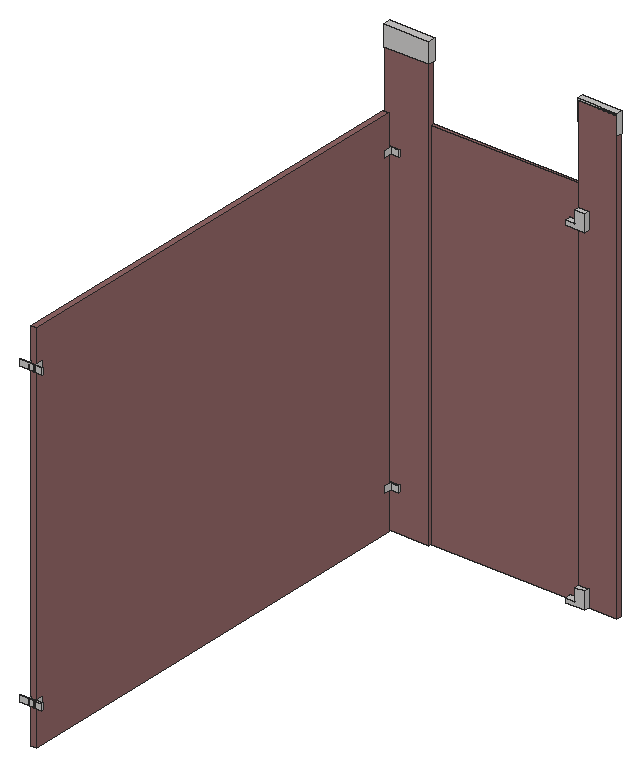
Revit family
Parameters (values of type "Standard Partition as Specified in 10 21 13")
  topoffset = 0' - 0 1/4"
  strkhdwr [instance] = not(or((End Panel_Strike Side), (Terminates at Wall_Strike Side)))  # no
  hngpnlconstrain [instance] = if((Terminates at Wall_Hinge Side), (Front Panel Width_Hinge Side - Reveal Clearance), (if((End Panel_Hinge Side), (Front Panel Width_Hinge Side + Panel Thickness + 0' 0 1/8"), (Front Panel Width_Hinge Side))))  # 0' - 6"
  hngpnl2 [instance] = if((Terminates at Wall_Strike Side), (Panel Thickness - Reveal Clearance - 0' 0 1/8"), (if((End Panel_Strike Side), (Panel Thickness + 0' 0 1/8"), (Panel Thickness))))  # 0' - 1"
  capoffset = 0' - 0"
  Warranty Duration (Years) = 0
  URL = "www.ironwood-mfg.com"
  Type Comments = "Toilet Partition"
  Terminates at Wall_Strike Side [instance] = no
  Terminates at Wall_Hinge Side [instance] = no
  Stile Thickness = 0' - 0 3/4"
  Stall Width = 3' - 0"
  Stall Depth [instance] = 6' - 0"
  Panel Thickness = 0' - 0 7/8"
  Outswing Door = yes
  Inswing Door = not(Outswing Door)  # no
  End Panel_Strike Side [instance] = not(Terminates at Wall_Strike Side)  # yes
  Strike Side Hardware Type = Mounting Bracket : Common Mount
  Front Panel Width_Strike Side = Stall Width - Door Width - Front Panel Width_Hinge Side  # 0' - 6"
  Specification = "http://www.arcat.com/sd/clients/ironwood.html?coid=45050"
  SpecWizard = "http://www.arcat.com/specwizard/10155iro/index.htm?coid=45050&mf=\r\n"
  Send Message = "http://admin.arcat.com/users.pl?action=UserEmail&company=Ironwood%20Manufacturing%20-%20Toilet%20Compartments&coid=45050&rep=133&fax=360-862-8413&mf="
  Sales Information = "http://www.ironwood-mfg.com/contact.aspx\r\n"
  Revision = "R1_09/2009"
  Reveal Clearance = 0' - 0 1/2"
  Product Properties = "http://www.arcat.com/bim/bim_info.pl?fn=Toilet-Partition_Ironwood_Baker\r\n"
  Product Data = "http://www.arcat.com/arcatcos/cos45/arc45050.html\r\n"
  Panel Material [instance] = Ironwood Olympic Solid Phenolic - Sienna Terra - 7216
  Model = ""
  Manufacturer's Notes = ""
  Manufacturer Website = "http://www.ironwood-mfg.com/"
  Manufacturer Phone = "360-568-1823\r\n"
  Manufacturer Fax = "360-862-8413"
  Manufacturer Address = "1102 Bonneville Ave.; Snohomish; WA 98290"
  Manufacturer = "Ironwood Manufacturing"
  Maintenance Schedule (Months) = 0
  Keynote = "10 21 13"
  Installation-Fabrication = ""
  Installation Phase = ""
  End Panel_Hinge Side [instance] = no
  Hinge Side Hardware Type = Mounting Bracket : End Mount
  Front Panel Width_Hinge Side = 0' - 6"
  Hardware Finish [instance] = Stainless Steel - Type 304 #4 Brushed Finish
  Expected Lifespan (Years) = 0
  Drawn By = "Robert S. Weygant, CSI, CDT, SCIP"  # constant formula
  Door Width = 2' - 0"
  Door Thickness = 0' - 0 1/2"
  Door Height = 5' - 0"
  Distance from Floor to Panel = 1' - 0"
  Copyright = "2009, ARCAT, Inc."  # constant formula
  Description = "Ceiling Hung Toilet Partition as Specified in 10 21 13"
  Ceiling Height [instance] = 7' - 0"
  Brackets_Vertical = 2
  Assembly Code = "C1010400"
Types (2): name | hngpnlconstrain | Stile Thickness | Stall Width | Stall Depth | Front Panel Width_Strike Side | Product Properties | Front Panel Width_Hinge Side | Door Width | Door Thickness | Ceiling Height
  Standard Partition as Specified in 10 21 13 | 0' - 6" | 0' - 0 3/4" | 3' - 0" | 6' - 0" | 0' - 6" | "http://www.arcat.com/bim/bim_info.pl?fn=Toilet-Partition_Ironwood_Baker\r\n" | 0' - 6" | 2' - 0" | 0' - 0 1/2" | 7' - 0"
  ADA Partition as Specified in 10 21 13 | 0' - 4" | 0' - 0 7/8" | 6' - 0" | 5' - 0" | 3' - 2" | "http://www.arcat.com/bim/bim_info.pl?fn=Toilet-Partition_Ironwood_Ceiling-Hung\r\n" | 0' - 4" | 2' - 6" | 0' - 0 7/8" | 10' - 0"
Reference planes (in)
  plane 1: y = 26.56271
  plane 2 "Center (Left/Right)": x = 26.6528
  plane 3 "Left": x = 44.6528
  plane 4: x = 8.6528
  plane 5: y = 103.81271
  plane 6 "Back": y = 32.56271
  plane 7 "Right": x = 7.7778
  plane 8 "Front": y = 104.56271
  plane 9 "Bottom of panel": z = 12
  plane 10 "Top of panel": z = 72
  plane 11: x = 14.6528
  plane 12: x = 38.6528
  plane 13 "Top": z = 84
  plane 14 "Bottom Bracket": z = 18
  plane 15 "Top Bracket": z = 66
  plane 16 "Top Hinge": z = 68.75
  plane 17: y = 103.31271
  plane 18: y = 33.06271
  plane 19: z = 0
  plane 20: x = 7.6528
Forms (in)
  Extrusion 1, solid, material "Ironwood Olympic Solid Phenolic - Sienna Terra - 7216" <- "Panel Material"
    sketch origin (0, 0, 0) x (1, 0, 0) y (0, 1, 0)
      loop
        line (7.6528, 104.56271) -> (7.6528, 103.81271) -> (14.6528, 103.81271) -> (14.6528, 104.56271) -> (7.6528, 104.56271)
    from 12 to 84
  Extrusion 2, solid, material "Stainless Steel - Type 304 #4 Brushed Finish" <- "Hardware Finish", detail levels medium+fine
    sketch origin (0, 104.56271, 0) x (-1, 0, 0) y (0, 0, 1)
      loop
        line (-13.1528, 39.97704) -> (-13.1528, 42.02296) -> (-15.6528, 42.02296) -> (-15.6528, 39.97704) -> (-13.1528, 39.97704)
    from 0 to 0.25
  Extrusion 3, solid, material "Ironwood Olympic Solid Phenolic - Sienna Terra - 7216" <- "Panel Material"
    sketch origin (0, 0, 0) x (1, 0, 0) y (0, 1, 0)
      loop
        line (38.6528, 104.56271) -> (38.6528, 103.81271) -> (44.6528, 103.81271) -> (44.6528, 104.56271) -> (38.6528, 104.56271)
    from 12 to 84
  Extrusion 4, solid, material "Ironwood Olympic Solid Phenolic - Sienna Terra - 7216" <- "Panel Material", visible <- "End Panel_Hinge Side"
    sketch origin (0, 0, 0) x (1, 0, 0) y (0, 1, 0)
      loop
        line (44.6528, 33.06271) -> (45.5278, 33.06271) -> (45.5278, 103.31271) -> (44.6528, 103.31271) -> (44.6528, 33.06271)
    from 12 to 72
  Extrusion 5, solid, material "Ironwood Olympic Solid Phenolic - Sienna Terra - 7216" <- "Panel Material", visible <- "End Panel_Strike Side"
    sketch origin (0, 0, 0) x (1, 0, 0) y (0, 1, 0)
      loop
        line (7.7778, 33.06271) -> (8.6528, 33.06271) -> (8.6528, 103.31271) -> (7.7778, 103.31271) -> (7.7778, 33.06271)
    from 12 to 72
  Extrusion 6, solid, material "Stainless Steel - Type 304 #4 Brushed Finish" <- "Hardware Finish", detail levels fine
    sketch origin (0, 104.56271, 0) x (-1, 0, 0) y (0, 0, 1)
      loop
        line (-38.6528, 68.75) -> (-40.1528, 68.75) -> (-40.1528, 66) -> (-38.6528, 66) -> (-37.1528, 66) -> (-37.1528, 66.75) -> (-38.6528, 66.75) -> (-38.6528, 68.75)
    from -1.49944 to 0.25
  Extrusion 7, solid, material "Stainless Steel - Type 304 #4 Brushed Finish" <- "Hardware Finish", detail levels fine
    sketch origin (0, 104.56271, -52) x (-1, 0, 0) y (0, 0, 1)
      loop
        line (-38.6528, 66.75) -> (-40.1528, 66.75) -> (-40.1528, 64) -> (-37.1528, 64) -> (-37.1528, 64.75) -> (-38.6528, 64.75) -> (-38.6528, 66.75)
    from -1.49944 to 0.25
  Extrusion 8, solid, material "Ironwood Olympic Solid Phenolic - Sienna Terra - 7216" <- "Panel Material"
    sketch origin (0, 104.56271, 0) x (-1, 0, 0) y (0, 0, 1)
      loop
        line (-36.9028, 12) -> (-14.9028, 12) -> (-14.9028, 72) -> (-38.4028, 72) -> (-38.4028, 66.75) -> (-36.9028, 66.75) -> (-36.9028, 65.9223) -> (-38.4028, 65.9223) -> (-38.4028, 12.75) -> (-36.9028, 12.75) -> (-36.9028, 12)
    from -0.5 to 0
  Extrusion 9, solid, material "Stainless Steel - Type 304 #4 Brushed Finish" <- "Hardware Finish", detail levels fine
    sketch origin (0, 104.56271, 78) x (-1, 0, 0) y (0, 0, 1)
      loop
        line (-14.9028, 3) -> (-7.6528, 3) -> (-7.6528, 6.25) -> (-14.9028, 6.25) -> (-14.9028, 3)
    from -0.99768 to 0.24505
  Extrusion 10, solid, material "Stainless Steel - Type 304 #4 Brushed Finish" <- "Hardware Finish", detail levels fine
    sketch origin (0, 104.56271, 79) x (-1, 0, 0) y (0, 0, 1)
      loop
        line (-44.6528, 2) -> (-38.4028, 2) -> (-38.4028, 5.25) -> (-44.6528, 5.25) -> (-44.6528, 2)
    from -0.62556 to 0.25923
Lines and regions (in)
  symbolic lines
    curve 1: line (52.1528, 0, 72) -> (14.6528, 0, 42)
    curve 2: line (14.6528, 0, 42) -> (38.6528, 0, 12)
    curve 3: line (8.6528, 32.56271, 0) -> (7.7778, 32.56271, 0)
  symbolic lines, visible <- "Inswing Door"
    curve 4: line (38.6528, 103.81271, 0) -> (38.6528, 79.81271, 0)
    curve 5: line (38.6528, 79.81271, 0) -> (38.1528, 79.81271, 0)
    curve 6: line (38.1528, 79.81271, 0) -> (38.1528, 103.81271, 0)
    curve 7: line (38.1528, 103.81271, 0) -> (38.6528, 103.81271, 0)
  symbolic lines, style "Toilet Accessories-Dashed", visible <- "Inswing Door"
    curve 8: arc (14.6528, 103.81271, 0) -> (21.68224, 86.84214, 0) -> (38.6528, 79.81271, 0) r 24
  symbolic lines, visible <- "Outswing Door"
    curve 9: line (38.6528, 104.56271, 0) -> (38.6528, 128.56271, 0)
    curve 10: line (38.6528, 128.56271, 0) -> (38.1528, 128.56271, 0)
    curve 11: line (38.1528, 128.56271, 0) -> (38.1528, 104.56271, 0)
    curve 12: line (38.1528, 104.56271, 0) -> (38.6528, 104.56271, 0)
  symbolic lines, style "Toilet Accessories-Dashed", visible <- "Outswing Door"
    curve 13: arc (14.6528, 104.56271, 0) -> (21.68224, 121.53327, 0) -> (38.6528, 128.56271, 0) r 24
Text (in)
  text "Placement Side" at (0, 40.15149, 123.01588), in view "Right"
  text "Placement Side" at (-71.13158, 43.3951, 0), in view "Floor Line"
  text "Placement Side" at (0, 65.23256, 117.93067), in view "Left"
Dimensions and locks (in)
  "Stall Width": plane 4 to plane 3 "Left"
  "Door Height": plane 9 "Bottom of panel" to plane 10 "Top of panel"
  "Distance from Floor to Panel": host wall to plane 9 "Bottom of panel"
  equal spacing: plane 9 "Bottom of panel", curve 2, plane 10 "Top of panel"
  "Ceiling Height": level to plane 13 "Top"
  "Panel Thickness": plane 7 "Right" to plane 4
  "Panel Thickness": plane 3 "Left" to Extrusion 4 sketch curve
  locked: Extrusion 6 sketch curve to plane 12 at 1.5  (x2)
  locked: plane 9 "Bottom of panel" to Extrusion 7 sketch curve at 2.75
  locked: Extrusion 7 sketch curve to plane 12 at 1.5
  locked: plane 12 to Extrusion 7 sketch curve at 1.5
  locked: plane 12 to Extrusion 8 sketch curve at 0.25
  locked: plane 11 to Extrusion 8 sketch curve at 0.25
  locked: Extrusion 2 sketch curve to plane 11 at 1.5
  "Front Panel Width_Hinge Side": plane 12 to plane 3 "Left"
  "Door Width": plane 11 to plane 12
  locked: Extrusion 9 sketch curve to plane 11 at 0.25
  locked: Extrusion 9 sketch curve to plane 13 "Top" at 3
  Extrusion 10 sketch curve to plane 13 "Top" = 0' - 3"
  locked: Extrusion 10 sketch curve to plane 12 at 0.25
  equal spacing: plane 4, plane 2 "Center (Left/Right)", plane 3 "Left"
  locked: Extrusion 9 to plane 8 "Front" at 0.24505
  locked: Extrusion 9 to plane 5 at 0.24768
  "Door Thickness": curve 6 to plane 12
  group 1 to group 2 = 0' - 0"
  group 2 to group 1 = 0' - 0"
  group 1 to group 2 = 4' - 0"
  locked: plane 15 "Top Bracket" to plane 16 "Top Hinge" at 2.75
  locked: plane 15 "Top Bracket" to plane 10 "Top of panel" at 6
  locked: plane 9 "Bottom of panel" to plane 14 "Bottom Bracket" at 6
  "Reveal Clearance": plane 17 to plane 5
  "Reveal Clearance": plane 18 to plane 6 "Back"
  group 3 to group 4 = 0' - 0"
  group 4 to group 3 = 0' - 0"
  group 3 to group 4 = 4' - 0"
  "topoffset": plane 13 "Top" to Extrusion 10 sketch curve
  "topoffset": plane 13 "Top" to Extrusion 9 sketch curve
  Extrusion 10 to Extrusion 3 = 0' - 0.25923"
  Extrusion 3 to Extrusion 10 = 0' - 0.12444"
  locked: Extrusion 10 to Extrusion 3 at 0.25
  "Stile Thickness": plane 8 "Front" to plane 5
  "capoffset": Extrusion 3 to Extrusion 10
  "hngpnlconstrain": Extrusion 3 sketch curve to Extrusion 3 sketch curve
  "capoffset": Extrusion 9 to Extrusion 1
  group 5 to group 6 = 0' - 0"  (x2)
  group 5 to group 6 = 4' - 0"
  group 7 to group 8 = 0' - 0"
  group 8 to group 7 = 0' - 0"
  group 7 to group 8 = 4' - 0"
  group 9 to group 10 = 0' - 0"
  group 10 to group 9 = 0' - 0"
  group 9 to group 10 = 4' - 0"
  Extrusion 4 to Extrusion 10 sketch curve = 0' - 0 7/8"
  "hngpnl2": plane 20 to plane 4
  group 11 to group 12 = 0' - 0"
  group 11 to group 12 = 0' - 0 1/8"
  group 11 to group 12 = 4' - 0"
  "Stall Depth": plane 8 "Front" to plane 6 "Back"
  group 13 to group 14 = 0' - 0"  (x2)
  group 13 to group 14 = 4' - 0"
  "Door Thickness": Extrusion 8 to Extrusion 8
  aligned and locked: Extrusion 1 sketch curve to plane 8 "Front"
  aligned and locked: Extrusion 1 sketch curve to plane 5
  aligned and locked: Extrusion 1 sketch curve to plane 11
  aligned and locked: plane 13 "Top" to Extrusion 1
  aligned and locked: Extrusion 2 to plane 8 "Front"
  aligned and locked: plane 12 to Extrusion 3 sketch curve
  aligned and locked: plane 3 "Left" to Extrusion 4 sketch curve
  aligned and locked: plane 9 "Bottom of panel" to Extrusion 4
  aligned and locked: Extrusion 5 to plane 10 "Top of panel"
  aligned and locked: Extrusion 5 to plane 9 "Bottom of panel"
  aligned and locked: plane 16 "Top Hinge" to Extrusion 6 sketch curve
  aligned and locked: plane 15 "Top Bracket" to Extrusion 6 sketch curve
  aligned and locked: Extrusion 6 sketch curve to plane 12
  aligned and locked: plane 9 "Bottom of panel" to Extrusion 7 sketch curve
  aligned and locked: Extrusion 7 sketch curve to plane 12
  aligned and locked: Extrusion 7 to Extrusion 8 sketch curve
  aligned and locked: plane 10 "Top of panel" to Extrusion 8 sketch curve
  aligned and locked: curve 4 to plane 12
  aligned and locked: plane 9 "Bottom of panel" to Extrusion 3
  aligned and locked: plane 9 "Bottom of panel" to Extrusion 1
  aligned and locked: plane 8 "Front" to Extrusion 8
  aligned and locked: plane 7 "Right" to nested 1
  aligned and locked: nested 1 to plane 5  (x4)
  aligned and locked: plane 14 "Bottom Bracket" to nested 1
  aligned and locked: plane 15 "Top Bracket" to nested 2
  aligned and locked: plane 7 "Right" to nested 2
  aligned and locked: plane 5 to nested 1
  aligned and locked: plane 17 to Extrusion 5 sketch curve
  aligned and locked: Extrusion 5 sketch curve to plane 18
  aligned and locked: plane 18 to Extrusion 4 sketch curve
  aligned and locked: plane 17 to Extrusion 4 sketch curve
  aligned and locked: nested 3 to plane 5  (x2)
  aligned and locked: nested 3 to plane 3 "Left"
  aligned and locked: nested 3 to plane 14 "Bottom Bracket"
  aligned and locked: nested 4 to plane 15 "Top Bracket"
  aligned and locked: plane 5 to nested 3
  aligned and locked: plane 3 "Left" to nested 3
  aligned and locked: Extrusion 4 to plane 10 "Top of panel"
  aligned and locked: nested 5 to plane 4  (x3)
  aligned and locked: plane 6 "Back" to nested 5
  aligned and locked: nested 6 to plane 3 "Left"
  aligned and locked: nested 6 to plane 6 "Back"  (x3)
  aligned and locked: nested 6 to plane 14 "Bottom Bracket"
  aligned and locked: plane 14 "Bottom Bracket" to nested 5
  aligned and locked: plane 6 "Back" to nested 6  (x2)
  aligned and locked: nested 7 to plane 15 "Top Bracket"
  aligned and locked: nested 7 to plane 3 "Left"
  aligned and locked: nested 5 to plane 6 "Back"  (x4)
  aligned and locked: nested 8 to plane 3 "Left"
  aligned and locked: nested 8 to plane 8 "Front"  (x3)
  aligned and locked: plane 14 "Bottom Bracket" to nested 8
  aligned and locked: plane 15 "Top Bracket" to nested 9
  aligned and locked: nested 9 to plane 3 "Left"
  aligned and locked: plane 3 "Left" to nested 8
  aligned and locked: plane 7 "Right" to nested 5  (x2)
  aligned and locked: nested 7 to plane 6 "Back"
  aligned and locked: plane 6 "Back" to nested 7
  aligned and locked: plane 15 "Top Bracket" to nested 10
  aligned and locked: nested 10 to plane 4
  aligned and locked: plane 19 to level
  aligned and locked: Extrusion 1 to plane 20
  aligned and locked: plane 8 "Front" to nested 11  (x2)
  aligned and locked: nested 11 to plane 7 "Right"
  aligned and locked: nested 11 to plane 14 "Bottom Bracket"
  aligned and locked: nested 12 to plane 15 "Top Bracket"
  aligned and locked: nested 12 to plane 7 "Right"
  aligned and locked: nested 11 to plane 8 "Front"
  aligned and locked: host wall to plane 6 "Back"
  aligned and locked: plane 5 to nested 13
  aligned and locked: nested 13 to plane 5  (x2)
  aligned and locked: plane 14 "Bottom Bracket" to nested 13  (x2)
  aligned and locked: nested 13 to plane 14 "Bottom Bracket"
  aligned and locked: plane 7 "Right" to nested 13
  aligned and locked: plane 15 "Top Bracket" to nested 14  (x2)
  aligned and locked: nested 14 to plane 15 "Top Bracket"
  aligned and locked: plane 7 "Right" to nested 14
  aligned and locked: plane 5 to nested 14
  aligned and locked: plane 6 "Back" to nested 10
  aligned and locked: plane 5 to nested 2
  aligned and locked: plane 5 to nested 12
  aligned and locked: nested 9 to plane 8 "Front"
  aligned and locked: nested 4 to plane 5
  aligned and locked: plane 5 to Extrusion 3
  aligned and locked: plane 8 "Front" to Extrusion 3
  aligned and locked: nested 4 to plane 3 "Left"
  aligned and locked: plane 13 "Top" to Extrusion 3
Automatic sketch dimensions
  plane 11 to Extrusion 2 sketch curve = 0' - 1"
  plane 14 "Bottom Bracket" to Extrusion 2 sketch curve = 1' - 9.97704"
  Extrusion 2 sketch curve to Extrusion 2 sketch curve = 0' - 2.04593"
  curve 3 to host wall = 0' - 0"
  curve 3 to plane 7 "Right" = 0' - 0"
  curve 3 to plane 4 = 0' - 0"
  curve 1 to plane 10 "Top of panel" = 0' - 0"
  curve 2 to plane 9 "Bottom of panel" = 0' - 0"
  curve 1 to plane 11 = 0' - 0"
  curve 2 to plane 12 = 0' - 0"
  Extrusion 1 sketch curve to plane 20 = 0' - 0"
  Extrusion 5 sketch curve to plane 7 "Right" = 0' - 0"
  Extrusion 5 sketch curve to plane 4 = 0' - 0"
  Extrusion 6 sketch curve to plane 12 = 0' - 0"
  plane 15 "Top Bracket" to Extrusion 6 sketch curve = 0' - 0 3/4"
  Extrusion 7 sketch curve to plane 9 "Bottom of panel" = 0' - 0 3/4"
  Extrusion 8 sketch curve to plane 12 = 0' - 0 1/4"
  Extrusion 8 sketch curve to plane 9 "Bottom of panel" = 0' - 0 3/4"
  Extrusion 8 sketch curve to Extrusion 8 sketch curve = 0' - 1 1/2"  (x2)
  Extrusion 8 sketch curve to plane 15 "Top Bracket" = 0' - 0.0777"
  plane 15 "Top Bracket" to Extrusion 8 sketch curve = 0' - 0 3/4"
  curve 13 to plane 8 "Front" = 0' - 0"
  curve 13 to plane 11 = 0' - 0"
  curve 8 to plane 5 = 0' - 0"
  curve 8 to plane 11 = 0' - 0"
  curve 12 to plane 8 "Front" = 0' - 0"
  curve 9 to plane 12 = 0' - 0"
  curve 6 to plane 5 = 0' - 0"
  curve 12 to curve 6 = 0' - 0"
  Extrusion 9 sketch curve to plane 20 = 0' - 0"
  plane 17 to Extrusion 3 sketch curve = 0' - 0 1/2"
  Extrusion 3 sketch curve to Extrusion 3 sketch curve = 0' - 0 3/4"
Nested families (in)
  nested 1: "Mounting Bracket" at (7.7778, 103.81271, 18), type <- "Strike Side Hardware Type", visible <- "strkhdwr", type "Common Mount"
  nested 2: "Mounting Bracket" at (7.7778, 103.81271, 66), type <- "Strike Side Hardware Type", visible <- "strkhdwr", type "Common Mount"
  nested 3: "Mounting Bracket" at (45.5278, 103.81271, 18) x (-1, 0, 0) z (0, 0, 1), type <- "Hinge Side Hardware Type", visible <- "End Panel_Hinge Side", type "End Mount"
  nested 4: "Mounting Bracket" at (45.5278, 103.81271, 66) x (-1, 0, 0) z (0, 0, 1), type <- "Hinge Side Hardware Type", visible <- "End Panel_Hinge Side", type "End Mount"
  nested 5: "Mounting Bracket" at (8.6528, 32.56271, 18) x (-1, 0, 0) z (0, 0, 1), visible <- "End Panel_Strike Side", type "Common Mount"
  nested 6: "Mounting Bracket" at (44.6528, 32.56271, 18), visible <- "End Panel_Hinge Side", type "Common Mount"
  nested 7: "Mounting Bracket" at (44.6528, 32.56271, 66), visible <- "End Panel_Hinge Side", type "Common Mount"
  nested 8: "Mounting Bracket" at (44.6528, 104.56271, 18) x (0, -1, 0) z (0, 0, 1), visible <- "Terminates at Wall_Hinge Side", type "End Mount"
  nested 9: "Mounting Bracket" at (44.6528, 104.56271, 66) x (0, -1, 0) z (0, 0, 1), visible <- "Terminates at Wall_Hinge Side", type "End Mount"
  nested 10: "Mounting Bracket" at (8.6528, 32.56271, 66) x (-1, 0, 0) z (0, 0, 1), visible <- "End Panel_Strike Side", type "Common Mount"
  nested 11: "Mounting Bracket" at (7.7778, 104.56271, 18) x (0, -1, 0) z (0, 0, 1), visible <- "Terminates at Wall_Strike Side", type "End Mount"
  nested 12: "Mounting Bracket" at (7.7778, 104.68771, 66) x (0, -1, 0) z (0, 0, 1), visible <- "Terminates at Wall_Strike Side", type "End Mount"
  nested 13: "Mounting Bracket" at (7.7778, 103.81271, 18), visible <- "End Panel_Strike Side", type "End Mount"
  nested 14: "Mounting Bracket" at (7.7778, 103.81271, 66), visible <- "End Panel_Strike Side", type "End Mount"
Definition of nested family "Mounting Bracket"
  Parameters (values of type "Common Mount")
    panel thickness = 0' - 0 1/2"
    hdwr matl = Chrome Plated Brass
    Surfmnt = yes
    Hdwr Height = 0' - 1"
    Assembly Code = ""
  Types (2): name | panel thickness | Surfmnt
    Common Mount | 0' - 0 1/2" | yes
    End Mount | 0' - 1" | no
  Reference planes (in)
    plane 1 "Center (Front/Back)": y = 0
    plane 2 "bottom": z = 0
    plane 3 "Center (Left/Right)": x = 0
    plane 4: y = -1.37133
    plane 5 "top": z = 1
    plane 6: y = -0.12324
  Forms (in)
    Extrusion 1, solid, material "Chrome Plated Brass" <- "hdwr matl"
      sketch origin (0, 0, 0) x (1, 0, 0) y (0, 1, 0)
        loop
          line (0, -1.37133) -> (0, -0.125) -> (0.5, -0.125) -> (0.5, -1.37133) -> (0.625, -1.37133) -> (0.625, -0.12324) -> (2.25, -0.12324) -> (2.25, 0) -> (-0.125, 0) -> (-0.125, -1.37133) -> (0, -1.37133)
      from 0 to 1
    Extrusion 2, solid, material "Chrome Plated Brass" <- "hdwr matl", visible <- "Surfmnt"
      sketch origin (0, 0, 0) x (1, 0, 0) y (0, 1, 0)
        loop
          line (0, 0) -> (-1.25, 0) -> (-1.25, -0.125) -> (0, -0.125) -> (0, 0)
      from 0 to 1
  Dimensions and locks (in)
    "panel thickness": Extrusion 1 sketch curve to Extrusion 1 sketch curve
    locked: Extrusion 1 sketch curve to Extrusion 1 sketch curve at 0.125  (x2)
    locked: plane 4 to plane 1 "Center (Front/Back)" at 1.37133
    locked: Extrusion 1 sketch curve to Extrusion 1 sketch curve at 2.375
    locked: Extrusion 2 sketch curve to Extrusion 2 sketch curve at 0.125
    locked: Extrusion 2 sketch curve to Extrusion 2 sketch curve at 1.25
    "Hdwr Height": plane 5 "top" to plane 2 "bottom"
    locked: plane 6 to plane 1 "Center (Front/Back)" at 0.12324
    "panel thickness": Extrusion 1 to Extrusion 1
    aligned and locked: plane 3 "Center (Left/Right)" to Extrusion 1 sketch curve
    aligned and locked: Extrusion 1 sketch curve to plane 1 "Center (Front/Back)"
    aligned and locked: Extrusion 1 sketch curve to plane 4  (x2)
    aligned and locked: Extrusion 2 sketch curve to plane 1 "Center (Front/Back)"
    aligned and locked: plane 3 "Center (Left/Right)" to Extrusion 2 sketch curve
    aligned and locked: plane 5 "top" to Extrusion 1
    aligned and locked: plane 5 "top" to Extrusion 2
    aligned and locked: Extrusion 1 to plane 2 "bottom"
    aligned and locked: Extrusion 2 to plane 2 "bottom"
  Automatic sketch dimensions
    plane 1 "Center (Front/Back)" to Extrusion 1 sketch curve = 0' - 0.12324"
    plane 1 "Center (Front/Back)" to Extrusion 1 sketch curve = 0' - 0 1/8"
